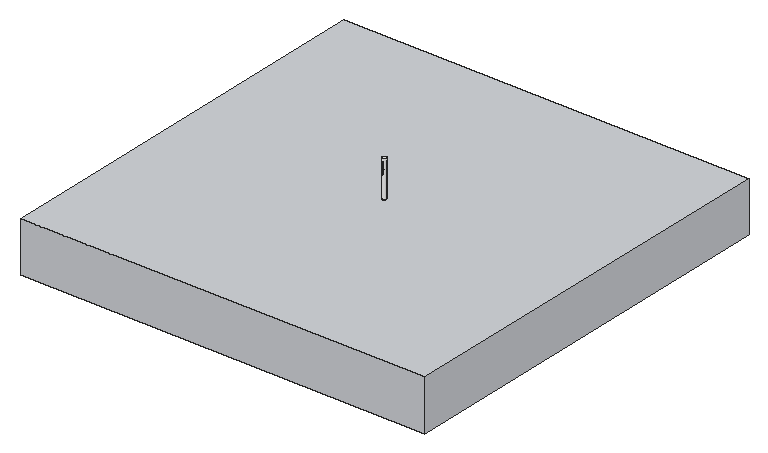
Revit family
Parameters (values of type "Chrome-CP-Polished_Chrome")
  Width [instance] = 0' - 1 1/8"
  URL = "http://www.us.kohler.com"
  Product Page URL = "http://www.us.kohler.com/onlinecatalog/detail.jsp?prod_num=10257-a"
  Product Documentation Link = "http://www.us.kohler.com/onlinecatalog/pdf/1085896_4.pdf"
  Model = "K-10257-A"  # constant formula
  Manufacturer = "Kohler"  # constant formula
  Length [instance] = 0' - 1"
  Height [instance] = 0' - 9"
  Finish = Chrome-Kohler-CP-Polished Chrome
  Description = "Shift handshower"  # constant formula
  Default Elevation = 0' - 0"
  Created By = "http://medialab3dstudio.com"
  Assembly Code = "C1030200"
Reference planes (in)
  plane 1 "Center (Front/Back)": y = 0
  plane 2 "Back": z = 0
  plane 3 "Center (Left/Right)": x = 0
  plane 4 "Left": x = -0.5625
  plane 5 "Right": x = 0.5625
  plane 6 "Top": y = 0.5
  plane 7 "Bottom": y = -0.5
  plane 8 "Front": z = 8.6875
  plane 9: z = -0.3125
Forms (in)
  Extrusion 1, solid
    sketch origin (0, 0, 0) x (1, 0, 0) y (0, 1, 0)
      loop
        line (-48, 48) -> (-48, -48) -> (48, -48) -> (48, 48) -> (-48, 48)
    from 0 to -12
Dimensions and locks (in)
  equal spacing: plane 4 "Left", plane 3 "Center (Left/Right)", plane 5 "Right"
  equal spacing: plane 6 "Top", plane 1 "Center (Front/Back)", plane 7 "Bottom"
  "Width": plane 4 "Left" to plane 5 "Right"
  "Length": plane 6 "Top" to plane 7 "Bottom"
  "Height": plane 8 "Front" to plane 9
  aligned and locked: plane 2 "Back" to Extrusion 1
  aligned and locked: level to Extrusion 1
  aligned: plane 2 "Back" to nested 1
Automatic sketch dimensions
  Extrusion 1 sketch curve to Extrusion 1 sketch curve = 8' - 0"  (x2)
Nested families (in)
  nested 1: "10257-A_Base" at (0, 0, 0), type "10257-A_Base"
Definition of nested family "10257-A_Base"
  Parameters (values of type "10257-A_Base")
    Finish = Chrome-Kohler-CP-Polished Chrome
    Assembly Code = ""
  Reference planes (in)
    plane 1 "Center (Front/Back)": y = 0
    plane 2 "Not": z = 0
    plane 3 "Center (Left/Right)": x = 0
    plane 4 "Left": x = -0.5625
    plane 5 "Right": x = 0.5625
    plane 6 "Top": z = 8.6875
    plane 7 "Bottom": z = -0.3125
    plane 8: y = 0.50678
    plane 9: y = -0.50667
    plane 10 "Base": z = 0.03536
  Forms (in)
    Revolve 1, solid, material "Chrome-Kohler-CP-Polished Chrome" <- "Finish", detail levels fine
      sketch origin (0, 0, 0) x (1, 0, 0) y (0, 0, 1)
        loop
          line (0, -0.3125) -> (0, 0.13347) -> (-0.45604, 0.13347)
          arc (-0.45604, 0.13347) -> (-0.47039, 0.12753) -> (-0.47634, 0.11317) r 0.0203
          line (-0.47634, 0.11317) -> (-0.47634, 0.06558)
          arc (-0.47634, 0.06558) -> (-0.47152, 0.0493) -> (-0.45606, 0.04225) r 0.02048
          line (-0.45606, 0.04225) -> (-0.38815, 0.04225) -> (-0.36485, 0.022) -> (-0.36485, -0.03378) -> (-0.41521, -0.08414) -> (-0.41521, -0.26213) -> (-0.36455, -0.3125) -> (0, -0.3125)
        axis (0, 0.13347) -> (0, -0.3125)
      angle from 0 to 360
    Extrusion 2, solid, material "Chrome-Kohler-CP-Polished Chrome" <- "Finish", detail levels fine
      sketch origin (0.02948, 0.0023, 0) x (0.997777, -0.06664, 0) y (0, 0, 1)
        loop
          circle (-0.10134, 8.06624) r 0.04814
      from 0.36305 to 0.49572
    Extrusion 3, solid, material "Chrome-Kohler-CP-Polished Chrome" <- "Finish", detail levels fine
      sketch origin (0.02948, 0.0023, -0.20257) x (0.997777, -0.06664, 0) y (0, 0, 1)
        loop
          circle (-0.10134, 8.06624) r 0.04814
      from 0.36305 to 0.49572
    Extrusion 4, solid, material "Chrome-Kohler-CP-Polished Chrome" <- "Finish", detail levels fine
      sketch origin (0.02948, 0.0023, -0.40513) x (0.997777, -0.06664, 0) y (0, 0, 1)
        loop
          circle (-0.10134, 8.06624) r 0.04814
      from 0.36305 to 0.49572
    Extrusion 5, solid, material "Chrome-Kohler-CP-Polished Chrome" <- "Finish", detail levels fine
      sketch origin (0.02948, 0.0023, -0.6077) x (0.997777, -0.06664, 0) y (0, 0, 1)
        loop
          circle (-0.10134, 8.06624) r 0.04814
      from 0.36305 to 0.49572
    Extrusion 6, solid, material "Chrome-Kohler-CP-Polished Chrome" <- "Finish", detail levels fine
      sketch origin (0.02948, 0.0023, -0.81027) x (0.997777, -0.06664, 0) y (0, 0, 1)
        loop
          circle (-0.10134, 8.06624) r 0.04814
      from 0.36305 to 0.49572
    Extrusion 7, solid, material "Chrome-Kohler-CP-Polished Chrome" <- "Finish", detail levels fine
      sketch origin (0.02948, 0.0023, -1.01283) x (0.997777, -0.06664, 0) y (0, 0, 1)
        loop
          circle (-0.10134, 8.06624) r 0.04814
      from 0.36305 to 0.49572
    Extrusion 8, solid, material "Chrome-Kohler-CP-Polished Chrome" <- "Finish", detail levels fine
      sketch origin (0.02948, 0.0023, -1.2154) x (0.997777, -0.06664, 0) y (0, 0, 1)
        loop
          circle (-0.10134, 8.06624) r 0.04814
      from 0.36305 to 0.49572
    Extrusion 9, solid, material "Chrome-Kohler-CP-Polished Chrome" <- "Finish", detail levels fine
      sketch origin (0.02948, 0.0023, -1.41797) x (0.997777, -0.06664, 0) y (0, 0, 1)
        loop
          circle (-0.10134, 8.06624) r 0.04814
      from 0.36305 to 0.49572
    Extrusion 10, solid, material "Chrome-Kohler-CP-Polished Chrome" <- "Finish", detail levels fine
      sketch origin (0.02948, 0.0023, -1.62053) x (0.997777, -0.06664, 0) y (0, 0, 1)
        loop
          circle (-0.10134, 8.06624) r 0.04814
      from 0.36305 to 0.49572
    Extrusion 11, solid, material "Chrome-Kohler-CP-Polished Chrome" <- "Finish", detail levels fine
      sketch origin (0.02948, 0.0023, -1.8231) x (0.997777, -0.06664, 0) y (0, 0, 1)
        loop
          circle (-0.10134, 8.06624) r 0.04814
      from 0.36305 to 0.49572
    Extrusion 12, solid, material "Chrome-Kohler-CP-Polished Chrome" <- "Finish", detail levels fine
      sketch origin (0.02948, 0.0023, -2.02567) x (0.997777, -0.06664, 0) y (0, 0, 1)
        loop
          circle (-0.10134, 8.06624) r 0.04814
      from 0.36305 to 0.49572
    Extrusion 13, solid, material "Chrome-Kohler-CP-Polished Chrome" <- "Finish", detail levels fine
      sketch origin (0.02948, 0.0023, -2.22823) x (0.997777, -0.06664, 0) y (0, 0, 1)
        loop
          circle (-0.10134, 8.06624) r 0.04814
      from 0.36305 to 0.49572
    Extrusion 14, solid, material "Chrome-Kohler-CP-Polished Chrome" <- "Finish", detail levels fine
      sketch origin (0.02948, 0.0023, -2.4308) x (0.997777, -0.06664, 0) y (0, 0, 1)
        loop
          circle (-0.10134, 8.06624) r 0.04814
      from 0.36305 to 0.49572
    Extrusion 15, solid, material "Chrome-Kohler-CP-Polished Chrome" <- "Finish", detail levels fine
      sketch origin (0.02948, 0.0023, -2.63337) x (0.997777, -0.06664, 0) y (0, 0, 1)
        loop
          circle (-0.10134, 8.06624) r 0.04814
      from 0.36305 to 0.49572
    Extrusion 16, solid, material "Chrome-Kohler-CP-Polished Chrome" <- "Finish", detail levels fine
      sketch origin (0.17091, 0.01615, 0) x (0.997341, 0.072873, 0) y (0, 0, 1)
        loop
          circle (-0.10134, 8.06624) r 0.04814
      from 0.36305 to 0.49572
    Extrusion 17, solid, material "Chrome-Kohler-CP-Polished Chrome" <- "Finish", detail levels fine
      sketch origin (0.17091, 0.01615, -0.20257) x (0.997341, 0.072873, 0) y (0, 0, 1)
        loop
          circle (-0.10134, 8.06624) r 0.04814
      from 0.36305 to 0.49572
    Extrusion 18, solid, material "Chrome-Kohler-CP-Polished Chrome" <- "Finish", detail levels fine
      sketch origin (0.17091, 0.01615, -0.40513) x (0.997341, 0.072873, 0) y (0, 0, 1)
        loop
          circle (-0.10134, 8.06624) r 0.04814
      from 0.36305 to 0.49572
    Extrusion 19, solid, material "Chrome-Kohler-CP-Polished Chrome" <- "Finish", detail levels fine
      sketch origin (0.17091, 0.01615, -0.6077) x (0.997341, 0.072873, 0) y (0, 0, 1)
        loop
          circle (-0.10134, 8.06624) r 0.04814
      from 0.36305 to 0.49572
    Extrusion 20, solid, material "Chrome-Kohler-CP-Polished Chrome" <- "Finish", detail levels fine
      sketch origin (0.17091, 0.01615, -0.81027) x (0.997341, 0.072873, 0) y (0, 0, 1)
        loop
          circle (-0.10134, 8.06624) r 0.04814
      from 0.36305 to 0.49572
    Extrusion 21, solid, material "Chrome-Kohler-CP-Polished Chrome" <- "Finish", detail levels fine
      sketch origin (0.17091, 0.01615, -1.01283) x (0.997341, 0.072873, 0) y (0, 0, 1)
        loop
          circle (-0.10134, 8.06624) r 0.04814
      from 0.36305 to 0.49572
    Extrusion 22, solid, material "Chrome-Kohler-CP-Polished Chrome" <- "Finish", detail levels fine
      sketch origin (0.17091, 0.01615, -1.2154) x (0.997341, 0.072873, 0) y (0, 0, 1)
        loop
          circle (-0.10134, 8.06624) r 0.04814
      from 0.36305 to 0.49572
    Extrusion 23, solid, material "Chrome-Kohler-CP-Polished Chrome" <- "Finish", detail levels fine
      sketch origin (0.17091, 0.01615, -1.41797) x (0.997341, 0.072873, 0) y (0, 0, 1)
        loop
          circle (-0.10134, 8.06624) r 0.04814
      from 0.36305 to 0.49572
    Extrusion 24, solid, material "Chrome-Kohler-CP-Polished Chrome" <- "Finish", detail levels fine
      sketch origin (0.17091, 0.01615, -1.62053) x (0.997341, 0.072873, 0) y (0, 0, 1)
        loop
          circle (-0.10134, 8.06624) r 0.04814
      from 0.36305 to 0.49572
    Extrusion 25, solid, material "Chrome-Kohler-CP-Polished Chrome" <- "Finish", detail levels fine
      sketch origin (0.17091, 0.01615, -1.8231) x (0.997341, 0.072873, 0) y (0, 0, 1)
        loop
          circle (-0.10134, 8.06624) r 0.04814
      from 0.36305 to 0.49572
    Extrusion 26, solid, material "Chrome-Kohler-CP-Polished Chrome" <- "Finish", detail levels fine
      sketch origin (0.17091, 0.01615, -2.02567) x (0.997341, 0.072873, 0) y (0, 0, 1)
        loop
          circle (-0.10134, 8.06624) r 0.04814
      from 0.36305 to 0.49572
    Extrusion 27, solid, material "Chrome-Kohler-CP-Polished Chrome" <- "Finish", detail levels fine
      sketch origin (0.17091, 0.01615, -2.22823) x (0.997341, 0.072873, 0) y (0, 0, 1)
        loop
          circle (-0.10134, 8.06624) r 0.04814
      from 0.36305 to 0.49572
    Extrusion 28, solid, material "Chrome-Kohler-CP-Polished Chrome" <- "Finish", detail levels fine
      sketch origin (0.17091, 0.01615, -2.4308) x (0.997341, 0.072873, 0) y (0, 0, 1)
        loop
          circle (-0.10134, 8.06624) r 0.04814
      from 0.36305 to 0.49572
    Extrusion 29, solid, material "Chrome-Kohler-CP-Polished Chrome" <- "Finish", detail levels fine
      sketch origin (0.17091, 0.01615, -2.63337) x (0.997341, 0.072873, 0) y (0, 0, 1)
        loop
          circle (-0.10134, 8.06624) r 0.04814
      from 0.36305 to 0.49572
    Extrusion 30, solid, material "Chrome-Kohler-CP-Polished Chrome" <- "Finish", detail levels fine
      sketch origin (0.10134, -0.01095, -0.1038) x (1, 0, 0) y (0, 0, 1)
        loop
          circle (-0.10134, 8.06624) r 0.04814
      from 0.36305 to 0.49572
    Extrusion 31, solid, material "Chrome-Kohler-CP-Polished Chrome" <- "Finish", detail levels fine
      sketch origin (0.10134, -0.01095, -0.30637) x (1, 0, 0) y (0, 0, 1)
        loop
          circle (-0.10134, 8.06624) r 0.04814
      from 0.36305 to 0.49572
    Extrusion 32, solid, material "Chrome-Kohler-CP-Polished Chrome" <- "Finish", detail levels fine
      sketch origin (0.10134, -0.01095, -0.50893) x (1, 0, 0) y (0, 0, 1)
        loop
          circle (-0.10134, 8.06624) r 0.04814
      from 0.36305 to 0.49572
    Extrusion 33, solid, material "Chrome-Kohler-CP-Polished Chrome" <- "Finish", detail levels fine
      sketch origin (0.10134, -0.01095, -0.7115) x (1, 0, 0) y (0, 0, 1)
        loop
          circle (-0.10134, 8.06624) r 0.04814
      from 0.36305 to 0.49572
    Extrusion 34, solid, material "Chrome-Kohler-CP-Polished Chrome" <- "Finish", detail levels fine
      sketch origin (0.10134, -0.01095, -0.91407) x (1, 0, 0) y (0, 0, 1)
        loop
          circle (-0.10134, 8.06624) r 0.04814
      from 0.36305 to 0.49572
    Extrusion 35, solid, material "Chrome-Kohler-CP-Polished Chrome" <- "Finish", detail levels fine
      sketch origin (0.10134, -0.01095, -1.11663) x (1, 0, 0) y (0, 0, 1)
        loop
          circle (-0.10134, 8.06624) r 0.04814
      from 0.36305 to 0.49572
    Extrusion 36, solid, material "Chrome-Kohler-CP-Polished Chrome" <- "Finish", detail levels fine
      sketch origin (0.10134, -0.01095, -1.3192) x (1, 0, 0) y (0, 0, 1)
        loop
          circle (-0.10134, 8.06624) r 0.04814
      from 0.36305 to 0.49572
    Extrusion 37, solid, material "Chrome-Kohler-CP-Polished Chrome" <- "Finish", detail levels fine
      sketch origin (0.10134, -0.01095, -1.52177) x (1, 0, 0) y (0, 0, 1)
        loop
          circle (-0.10134, 8.06624) r 0.04814
      from 0.36305 to 0.49572
    Extrusion 38, solid, material "Chrome-Kohler-CP-Polished Chrome" <- "Finish", detail levels fine
      sketch origin (0.10134, -0.01095, -1.72433) x (1, 0, 0) y (0, 0, 1)
        loop
          circle (-0.10134, 8.06624) r 0.04814
      from 0.36305 to 0.49572
    Extrusion 39, solid, material "Chrome-Kohler-CP-Polished Chrome" <- "Finish", detail levels fine
      sketch origin (0.10134, -0.01095, -1.9269) x (1, 0, 0) y (0, 0, 1)
        loop
          circle (-0.10134, 8.06624) r 0.04814
      from 0.36305 to 0.49572
    Extrusion 40, solid, material "Chrome-Kohler-CP-Polished Chrome" <- "Finish", detail levels fine
      sketch origin (0.10134, -0.01095, -2.12947) x (1, 0, 0) y (0, 0, 1)
        loop
          circle (-0.10134, 8.06624) r 0.04814
      from 0.36305 to 0.49572
    Extrusion 41, solid, material "Chrome-Kohler-CP-Polished Chrome" <- "Finish", detail levels fine
      sketch origin (0.10134, -0.01095, -2.33203) x (1, 0, 0) y (0, 0, 1)
        loop
          circle (-0.10134, 8.06624) r 0.04814
      from 0.36305 to 0.49572
    Extrusion 42, solid, material "Chrome-Kohler-CP-Polished Chrome" <- "Finish", detail levels fine
      sketch origin (0.10134, -0.01095, -2.5346) x (1, 0, 0) y (0, 0, 1)
        loop
          circle (-0.10134, 8.06624) r 0.04814
      from 0.36305 to 0.49572
    Extrusion 43, solid, material "Chrome-Kohler-CP-Polished Chrome" <- "Finish", detail levels fine
      sketch origin (-0.04908, 0.0138, -0.1038) x (0.993214, -0.116301, 0) y (0, 0, 1)
        loop
          circle (-0.10134, 8.06624) r 0.04814
      from 0.36305 to 0.49572
    Extrusion 44, solid, material "Chrome-Kohler-CP-Polished Chrome" <- "Finish", detail levels fine
      sketch origin (-0.04908, 0.0138, -0.30637) x (0.993214, -0.116301, 0) y (0, 0, 1)
        loop
          circle (-0.10134, 8.06624) r 0.04814
      from 0.36305 to 0.49572
    Extrusion 45, solid, material "Chrome-Kohler-CP-Polished Chrome" <- "Finish", detail levels fine
      sketch origin (-0.04908, 0.0138, -0.50893) x (0.993214, -0.116301, 0) y (0, 0, 1)
        loop
          circle (-0.10134, 8.06624) r 0.04814
      from 0.36305 to 0.49572
    Extrusion 46, solid, material "Chrome-Kohler-CP-Polished Chrome" <- "Finish", detail levels fine
      sketch origin (-0.04908, 0.0138, -0.7115) x (0.993214, -0.116301, 0) y (0, 0, 1)
        loop
          circle (-0.10134, 8.06624) r 0.04814
      from 0.36305 to 0.49572
    Extrusion 47, solid, material "Chrome-Kohler-CP-Polished Chrome" <- "Finish", detail levels fine
      sketch origin (-0.04908, 0.0138, -0.91407) x (0.993214, -0.116301, 0) y (0, 0, 1)
        loop
          circle (-0.10134, 8.06624) r 0.04814
      from 0.36305 to 0.49572
    Extrusion 48, solid, material "Chrome-Kohler-CP-Polished Chrome" <- "Finish", detail levels fine
      sketch origin (-0.04908, 0.0138, -1.11663) x (0.993214, -0.116301, 0) y (0, 0, 1)
        loop
          circle (-0.10134, 8.06624) r 0.04814
      from 0.36305 to 0.49572
    Extrusion 49, solid, material "Chrome-Kohler-CP-Polished Chrome" <- "Finish", detail levels fine
      sketch origin (-0.04908, 0.0138, -1.3192) x (0.993214, -0.116301, 0) y (0, 0, 1)
        loop
          circle (-0.10134, 8.06624) r 0.04814
      from 0.36305 to 0.49572
    Extrusion 50, solid, material "Chrome-Kohler-CP-Polished Chrome" <- "Finish", detail levels fine
      sketch origin (-0.04908, 0.0138, -1.52177) x (0.993214, -0.116301, 0) y (0, 0, 1)
        loop
          circle (-0.10134, 8.06624) r 0.04814
      from 0.36305 to 0.49572
    Extrusion 51, solid, material "Chrome-Kohler-CP-Polished Chrome" <- "Finish", detail levels fine
      sketch origin (-0.04908, 0.0138, -1.72433) x (0.993214, -0.116301, 0) y (0, 0, 1)
        loop
          circle (-0.10134, 8.06624) r 0.04814
      from 0.36305 to 0.49572
    Extrusion 52, solid, material "Chrome-Kohler-CP-Polished Chrome" <- "Finish", detail levels fine
      sketch origin (-0.04908, 0.0138, -1.9269) x (0.993214, -0.116301, 0) y (0, 0, 1)
        loop
          circle (-0.10134, 8.06624) r 0.04814
      from 0.36305 to 0.49572
    Extrusion 53, solid, material "Chrome-Kohler-CP-Polished Chrome" <- "Finish", detail levels fine
      sketch origin (-0.04908, 0.0138, -2.12947) x (0.993214, -0.116301, 0) y (0, 0, 1)
        loop
          circle (-0.10134, 8.06624) r 0.04814
      from 0.36305 to 0.49572
    Extrusion 54, solid, material "Chrome-Kohler-CP-Polished Chrome" <- "Finish", detail levels fine
      sketch origin (-0.04908, 0.0138, -2.33203) x (0.993214, -0.116301, 0) y (0, 0, 1)
        loop
          circle (-0.10134, 8.06624) r 0.04814
      from 0.36305 to 0.49572
    Extrusion 55, solid, material "Chrome-Kohler-CP-Polished Chrome" <- "Finish", detail levels fine
      sketch origin (-0.04908, 0.0138, -2.5346) x (0.993214, -0.116301, 0) y (0, 0, 1)
        loop
          circle (-0.10134, 8.06624) r 0.04814
      from 0.36305 to 0.49572
    Extrusion 56, solid, material "Chrome-Kohler-CP-Polished Chrome" <- "Finish", detail levels fine
      sketch origin (0.251, 0.03819, -0.1038) x (0.993473, 0.114064, 0) y (0, 0, 1)
        loop
          circle (-0.10134, 8.06624) r 0.04814
      from 0.36305 to 0.49572
    Extrusion 57, solid, material "Chrome-Kohler-CP-Polished Chrome" <- "Finish", detail levels fine
      sketch origin (0.251, 0.03819, -0.30637) x (0.993473, 0.114064, 0) y (0, 0, 1)
        loop
          circle (-0.10134, 8.06624) r 0.04814
      from 0.36305 to 0.49572
    Extrusion 58, solid, material "Chrome-Kohler-CP-Polished Chrome" <- "Finish", detail levels fine
      sketch origin (0.251, 0.03819, -0.50893) x (0.993473, 0.114064, 0) y (0, 0, 1)
        loop
          circle (-0.10134, 8.06624) r 0.04814
      from 0.36305 to 0.49572
    Extrusion 59, solid, material "Chrome-Kohler-CP-Polished Chrome" <- "Finish", detail levels fine
      sketch origin (0.251, 0.03819, -0.7115) x (0.993473, 0.114064, 0) y (0, 0, 1)
        loop
          circle (-0.10134, 8.06624) r 0.04814
      from 0.36305 to 0.49572
    Extrusion 60, solid, material "Chrome-Kohler-CP-Polished Chrome" <- "Finish", detail levels fine
      sketch origin (0.251, 0.03819, -0.91407) x (0.993473, 0.114064, 0) y (0, 0, 1)
        loop
          circle (-0.10134, 8.06624) r 0.04814
      from 0.36305 to 0.49572
    Extrusion 61, solid, material "Chrome-Kohler-CP-Polished Chrome" <- "Finish", detail levels fine
      sketch origin (0.251, 0.03819, -1.11663) x (0.993473, 0.114064, 0) y (0, 0, 1)
        loop
          circle (-0.10134, 8.06624) r 0.04814
      from 0.36305 to 0.49572
    Extrusion 62, solid, material "Chrome-Kohler-CP-Polished Chrome" <- "Finish", detail levels fine
      sketch origin (0.251, 0.03819, -1.3192) x (0.993473, 0.114064, 0) y (0, 0, 1)
        loop
          circle (-0.10134, 8.06624) r 0.04814
      from 0.36305 to 0.49572
    Extrusion 63, solid, material "Chrome-Kohler-CP-Polished Chrome" <- "Finish", detail levels fine
      sketch origin (0.251, 0.03819, -1.52177) x (0.993473, 0.114064, 0) y (0, 0, 1)
        loop
          circle (-0.10134, 8.06624) r 0.04814
      from 0.36305 to 0.49572
    Extrusion 64, solid, material "Chrome-Kohler-CP-Polished Chrome" <- "Finish", detail levels fine
      sketch origin (0.251, 0.03819, -1.72433) x (0.993473, 0.114064, 0) y (0, 0, 1)
        loop
          circle (-0.10134, 8.06624) r 0.04814
      from 0.36305 to 0.49572
    Extrusion 65, solid, material "Chrome-Kohler-CP-Polished Chrome" <- "Finish", detail levels fine
      sketch origin (0.251, 0.03819, -1.9269) x (0.993473, 0.114064, 0) y (0, 0, 1)
        loop
          circle (-0.10134, 8.06624) r 0.04814
      from 0.36305 to 0.49572
    Extrusion 66, solid, material "Chrome-Kohler-CP-Polished Chrome" <- "Finish", detail levels fine
      sketch origin (0.251, 0.03819, -2.12947) x (0.993473, 0.114064, 0) y (0, 0, 1)
        loop
          circle (-0.10134, 8.06624) r 0.04814
      from 0.36305 to 0.49572
    Extrusion 67, solid, material "Chrome-Kohler-CP-Polished Chrome" <- "Finish", detail levels fine
      sketch origin (0.251, 0.03819, -2.33203) x (0.993473, 0.114064, 0) y (0, 0, 1)
        loop
          circle (-0.10134, 8.06624) r 0.04814
      from 0.36305 to 0.49572
    Extrusion 68, solid, material "Chrome-Kohler-CP-Polished Chrome" <- "Finish", detail levels fine
      sketch origin (0.251, 0.03819, -2.5346) x (0.993473, 0.114064, 0) y (0, 0, 1)
        loop
          circle (-0.10134, 8.06624) r 0.04814
      from 0.36305 to 0.49572
    Extrusion 69, solid, material "Chrome-Kohler-CP-Polished Chrome" <- "Finish", detail levels fine
      sketch origin (0, 0, 0) x (1, 0, 0) y (0, 0, 1)
        loop
          spline (0.10646, 4.58193) -> (0.10283, 4.6025) -> (0.09219, 4.62167) -> (0.07528, 4.63813) -> (0.05323, 4.65076) -> (0.02755, 4.6587) -> (0, 4.6614) -> (-0.02755, 4.6587) -> (-0.05323, 4.65076) -> (-0.07528, 4.63813) -> (-0.09219, 4.62167) -> (-0.10283, 4.6025) -> (-0.10646, 4.58193)
          spline (-0.10646, 4.58193) -> (-0.10283, 4.56136) -> (-0.09219, 4.54219) -> (-0.07528, 4.52573) -> (-0.05323, 4.5131) -> (-0.02755, 4.50516) -> (0, 4.50245) -> (0.02755, 4.50516) -> (0.05323, 4.5131) -> (0.07528, 4.52573) -> (0.09219, 4.54219) -> (0.10283, 4.56136) -> (0.10646, 4.58193)
      from -0.49691 to -0.39061
    Extrusion 70, solid, material "Chrome-Kohler-CP-Polished Chrome" <- "Finish", detail levels fine
      sketch origin (0, 0, 0) x (1, 0, 0) y (0, 1, 0)
        loop
          spline (0.5625, 0) -> (0.54333, 0.12348) -> (0.48714, 0.23854) -> (0.39775, 0.33735) -> (0.28125, 0.41317) -> (0.14559, 0.46083) -> (0, 0.47709) -> (-0.14559, 0.46083) -> (-0.28125, 0.41317) -> (-0.39775, 0.33735) -> (-0.48714, 0.23854) -> (-0.54333, 0.12348) -> (-0.5625, 0)
          spline (-0.5625, 0) -> (-0.54333, -0.12348) -> (-0.48714, -0.23854) -> (-0.39775, -0.33735) -> (-0.28125, -0.41317) -> (-0.14559, -0.46083) -> (0, -0.47709) -> (0.14559, -0.46083) -> (0.28125, -0.41317) -> (0.39775, -0.33735) -> (0.48714, -0.23854) -> (0.54333, -0.12348) -> (0.5625, 0)
      from 0.13347 to 8.6875
    Extrusion 71, solid, material "Chrome-Kohler-CP-Polished Chrome" <- "Finish", detail levels coarse+medium
      sketch origin (0, 0, 0) x (1, 0, 0) y (0, 1, 0)
        loop
          line (-0.5625, 0.50678) -> (-0.5625, -0.50667) -> (0.5625, -0.50667) -> (0.5625, 0.50678) -> (-0.5625, 0.50678)
      from -0.3125 to 8.6875
  Cuts and joins
    joined: Revolve 1, Extrusion 2, Extrusion 3, Extrusion 4, Extrusion 5, Extrusion 6, Extrusion 7, Extrusion 8, Extrusion 9, Extrusion 10, Extrusion 11, Extrusion 12, Extrusion 13, Extrusion 14, Extrusion 15, Extrusion 16, Extrusion 17, Extrusion 18, Extrusion 19, Extrusion 20, Extrusion 21, Extrusion 22, Extrusion 23, Extrusion 24, Extrusion 25, Extrusion 26, Extrusion 27, Extrusion 28, Extrusion 29, Extrusion 30, Extrusion 31, Extrusion 32, Extrusion 33, Extrusion 34, Extrusion 35, Extrusion 36, Extrusion 37, Extrusion 38, Extrusion 39, Extrusion 40, Extrusion 41, Extrusion 42, Extrusion 43, Extrusion 44, Extrusion 45, Extrusion 46, Extrusion 47, Extrusion 48, Extrusion 49, Extrusion 50, Extrusion 51, Extrusion 52, Extrusion 53, Extrusion 54, Extrusion 55, Extrusion 56, Extrusion 57, Extrusion 58, Extrusion 59, Extrusion 60, Extrusion 61, Extrusion 62, Extrusion 63, Extrusion 64, Extrusion 65, Extrusion 66, Extrusion 67, Extrusion 68, Extrusion 69, Extrusion 70
  Lines and regions (in)
    Masking region 1, detail levels coarse
      outline origin (0, 0, 0) x (1, 0, 0) y (0, 1, 0)
        loop
          line (-0.5625, 0.50678) -> (-0.5625, -0.50667) -> (0.5625, -0.50667) -> (0.5625, 0.50678) -> (-0.5625, 0.50678)
    Masking region 2, detail levels medium+fine
      outline origin (0, 0, 0) x (1, 0, 0) y (0, 1, 0)
        loop
          spline (-0.10646, 0.46846) -> (-0.23772, 0.43239) -> (-0.35469, 0.37029) -> (-0.45031, 0.28591) -> (-0.51882, 0.18432) -> (-0.55612, 0.07164) -> (-0.55995, -0.04535) -> (-0.53009, -0.15961) -> (-0.46832, -0.26427) -> (-0.37837, -0.35302) -> (-0.26565, -0.42053) -> (-0.13695, -0.46273) -> (0, -0.47709)
          spline (0, -0.47709) -> (0.13693, -0.46274) -> (0.26562, -0.42054) -> (0.37833, -0.35305) -> (0.46828, -0.26432) -> (0.53006, -0.15968) -> (0.55994, -0.04544) -> (0.55614, 0.07153) -> (0.51888, 0.18421) -> (0.4504, 0.2858) -> (0.35483, 0.37019) -> (0.2379, 0.43232) -> (0.10667, 0.46843)
          line (0.10667, 0.46843) -> (0.10667, 0.50053)
          arc (0.10667, 0.50053) -> (0.00011, 0.50678) -> (-0.10646, 0.50053) r 0.91103
          line (-0.10646, 0.50053) -> (-0.10646, 0.46846)
    Masking region 3, detail levels coarse
      outline origin (0, 0, 0) x (1, 0, 0) y (0, 0, 1)
        loop
          line (-0.5625, 8.6875) -> (-0.5625, -0.3125) -> (0.5625, -0.3125) -> (0.5625, 8.6875) -> (-0.5625, 8.6875)
    Masking region 4
      outline origin (0, 0, 0) x (1, 0, 0) y (0, 0, 1)
        loop
          line (-0.36455, -0.3125) -> (0.36486, -0.3125) -> (0.41523, -0.26213) -> (0.41523, -0.08414) -> (0.36486, -0.03378) -> (0.36486, 0.04225) -> (0.45608, 0.04225)
          arc (0.45608, 0.04225) -> (0.47195, 0.04973) -> (0.4763, 0.06672) r 0.02059
          line (0.4763, 0.06672) -> (0.4763, 0.13347) -> (0.5625, 0.13347) -> (0.5625, 8.6875) -> (-0.5625, 8.6875) -> (-0.5625, 0.13347) -> (-0.47634, 0.13347) -> (-0.47634, 0.06642)
          arc (-0.47634, 0.06642) -> (-0.47183, 0.04961) -> (-0.45606, 0.04225) r 0.02059
          line (-0.45606, 0.04225) -> (-0.36485, 0.04225) -> (-0.36485, -0.03378) -> (-0.41521, -0.08414) -> (-0.41521, -0.26213) -> (-0.36455, -0.3125)
    Masking region 5, detail levels coarse
      outline origin (0, 0, 0) x (0, 1, 0) y (0, 0, 1)
        loop
          line (0.50678, -0.3125) -> (0.50678, 8.6875) -> (-0.50667, 8.6875) -> (-0.50667, -0.3125) -> (0.50678, -0.3125)
    Masking region 6, detail levels medium+fine
      outline origin (0, 0, 0) x (0, 1, 0) y (0, 0, 1)
        loop
          line (0.35783, -0.3125) -> (0.40722, -0.26311) -> (0.40718, -0.08858) -> (0.35783, -0.03919) -> (0.35783, 0.03536) -> (0.4472, 0.03536)
          arc (0.4472, 0.03536) -> (0.46362, 0.04285) -> (0.46875, 0.06015) r 0.02176
          line (0.46875, 0.06015) -> (0.46875, 4.50245) -> (0.50678, 4.50245) -> (0.50678, 4.6614) -> (0.46875, 4.6614) -> (0.46875, 8.6875) -> (-0.46875, 8.6875) -> (-0.46875, 0.05523)
          arc (-0.46875, 0.05523) -> (-0.46293, 0.04118) -> (-0.44888, 0.03536) r 0.01987
          line (-0.44888, 0.03536) -> (-0.35776, 0.03536) -> (-0.35776, -0.03919) -> (-0.40718, -0.08858) -> (-0.40718, -0.26311) -> (-0.35776, -0.3125) -> (0.35783, -0.3125)
    model lines, style "3d Fine", detail levels fine
      curve 1: spline (0.5625, 0, 4.94745) -> (0.54333, -0.12132, 4.94745) -> (0.48714, -0.23438, 4.94745) -> (0.39775, -0.33146, 4.94745) -> (0.28125, -0.40595, 4.94745) -> (0.14559, -0.45278, 4.94745) -> (0, -0.46875, 4.94745) -> (-0.14559, -0.45278, 4.94745) -> (-0.28125, -0.40595, 4.94745) -> (-0.39775, -0.33146, 4.94745) -> (-0.48714, -0.23438, 4.94745) -> (-0.54333, -0.12132, 4.94745) -> (-0.5625, 0, 4.94745)
      curve 2: spline (-0.5625, 0, 4.94745) -> (-0.54333, 0.12132, 4.94745) -> (-0.48714, 0.23437, 4.94745) -> (-0.39775, 0.33146, 4.94745) -> (-0.28125, 0.40595, 4.94745) -> (-0.14559, 0.45278, 4.94745) -> (0, 0.46875, 4.94745) -> (0.14559, 0.45278, 4.94745) -> (0.28125, 0.40595, 4.94745) -> (0.39775, 0.33146, 4.94745) -> (0.48714, 0.23437, 4.94745) -> (0.54333, 0.12132, 4.94745) -> (0.5625, 0, 4.94745)
      curve 3: spline (0.5625, 0, 4.98808) -> (0.54333, -0.12132, 4.98808) -> (0.48714, -0.23438, 4.98808) -> (0.39775, -0.33146, 4.98808) -> (0.28125, -0.40595, 4.98808) -> (0.14559, -0.45278, 4.98808) -> (0, -0.46875, 4.98808) -> (-0.14559, -0.45278, 4.98808) -> (-0.28125, -0.40595, 4.98808) -> (-0.39775, -0.33146, 4.98808) -> (-0.48714, -0.23438, 4.98808) -> (-0.54333, -0.12132, 4.98808) -> (-0.5625, 0, 4.98808)
      curve 4: spline (-0.5625, 0, 4.98808) -> (-0.54333, 0.12132, 4.98808) -> (-0.48714, 0.23437, 4.98808) -> (-0.39775, 0.33146, 4.98808) -> (-0.28125, 0.40595, 4.98808) -> (-0.14559, 0.45278, 4.98808) -> (0, 0.46875, 4.98808) -> (0.14559, 0.45278, 4.98808) -> (0.28125, 0.40595, 4.98808) -> (0.39775, 0.33146, 4.98808) -> (0.48714, 0.23437, 4.98808) -> (0.54333, 0.12132, 4.98808) -> (0.5625, 0, 4.98808)
      curve 5: spline (0.5625, 0, 8.59621) -> (0.54333, -0.12132, 8.59621) -> (0.48714, -0.23438, 8.59621) -> (0.39775, -0.33146, 8.59621) -> (0.28125, -0.40595, 8.59621) -> (0.14559, -0.45278, 8.59621) -> (0, -0.46875, 8.59621) -> (-0.14559, -0.45278, 8.59621) -> (-0.28125, -0.40595, 8.59621) -> (-0.39775, -0.33146, 8.59621) -> (-0.48714, -0.23438, 8.59621) -> (-0.54333, -0.12132, 8.59621) -> (-0.5625, 0, 8.59621)
      curve 6: spline (-0.5625, 0, 8.59621) -> (-0.54333, 0.12132, 8.59621) -> (-0.48714, 0.23437, 8.59621) -> (-0.39775, 0.33146, 8.59621) -> (-0.28125, 0.40595, 8.59621) -> (-0.14559, 0.45278, 8.59621) -> (0, 0.46875, 8.59621) -> (0.14559, 0.45278, 8.59621) -> (0.28125, 0.40595, 8.59621) -> (0.39775, 0.33146, 8.59621) -> (0.48714, 0.23437, 8.59621) -> (0.54333, 0.12132, 8.59621) -> (0.5625, 0, 8.59621)
    symbolic lines, style "Masking Lines", detail levels fine
      curve 7: spline (-0.1063, 0.46849, 0) -> (-0.08871, 0.47112, 0) -> (-0.07103, 0.47327, 0) -> (-0.05327, 0.47494, 0) -> (-0.03547, 0.47614, 0) -> (-0.01762, 0.47685, 0) -> (0.00024, 0.47709, 0) -> (0.0181, 0.47684, 0) -> (0.03594, 0.47611, 0) -> (0.05374, 0.4749, 0) -> (0.0715, 0.47322, 0) -> (0.08918, 0.47105, 0) -> (0.10677, 0.46841, 0)
      curve 8: line (-0.55037, 0, 8.59621) -> (0.55028, 0, 8.59621)
      curve 9: line (0.55233, 0, 4.98808) -> (-0.55237, 0, 4.98808)
      curve 10: line (-0.5625, 0, 4.94745) -> (0.5625, 0, 4.94745)
      curve 11: line (-0.5625, 0, 0.13335) -> (0.5625, 0, 0.13335)
      curve 12: line (0.45608, 0, 0.04213) -> (-0.45606, 0, 0.04213)
      curve 13: line (-0.36485, 0, -0.0339) -> (0.36486, 0, -0.0339)
      curve 14: line (-0.41521, 0, -0.08427) -> (0.41523, 0, -0.08427)
      curve 15: line (-0.41521, 0, -0.16745) -> (0.41523, 0, -0.16745)
      curve 16: line (-0.41521, 0, -0.26226) -> (0.41523, 0, -0.26226)
      curve 17: circle (-0.10134, -0.46875, 8.06624) r 0.04814 normal (0, 1, 0)
      curve 18: circle (0.10135, -0.46875, 8.06624) r 0.04814 normal (0, 1, 0)
      curve 19: circle (0.20327, -0.46875, 7.96433) r 0.04814 normal (0, 1, 0)
      curve 20: circle (-0.00001, -0.46875, 7.96433) r 0.04814 normal (0, 1, 0)
      curve 21: circle (-0.20272, -0.46875, 7.96433) r 0.04814 normal (0, 1, 0)
      curve 22: circle (-0.10134, -0.46875, 7.86248) r 0.04814 normal (0, 1, 0)
      curve 23: circle (0.10135, -0.46875, 7.86248) r 0.04813 normal (0, 1, 0)
      curve 24: circle (0.20269, -0.46875, 7.7606) r 0.04811 normal (0, 1, 0)
      curve 25: circle (-0.00002, -0.46875, 7.7606) r 0.04813 normal (0, 1, 0)
      curve 26: circle (-0.20273, -0.46875, 7.7606) r 0.04813 normal (0, 1, 0)
      curve 27: circle (-0.10134, -0.46875, 7.65879) r 0.04814 normal (0, 1, 0)
      curve 28: circle (0.10135, -0.46875, 7.65879) r 0.04813 normal (0, 1, 0)
      curve 29: circle (0.20269, -0.46875, 7.55691) r 0.04811 normal (0, 1, 0)
      curve 30: circle (-0.00002, -0.46875, 7.55691) r 0.04813 normal (0, 1, 0)
      curve 31: circle (-0.20273, -0.46875, 7.55691) r 0.04813 normal (0, 1, 0)
      curve 32: circle (-0.10134, -0.46875, 7.45503) r 0.04814 normal (0, 1, 0)
      curve 33: circle (0.10135, -0.46875, 7.45503) r 0.04813 normal (0, 1, 0)
      curve 34: circle (0.20269, -0.46875, 7.35325) r 0.04811 normal (0, 1, 0)
      curve 35: circle (-0.00002, -0.46875, 7.35325) r 0.04813 normal (0, 1, 0)
      curve 36: circle (-0.20273, -0.46875, 7.35325) r 0.04813 normal (0, 1, 0)
      curve 37: circle (-0.10134, -0.46875, 7.25137) r 0.04814 normal (0, 1, 0)
      curve 38: circle (0.10135, -0.46875, 7.25137) r 0.04813 normal (0, 1, 0)
      curve 39: circle (0.20269, -0.46875, 7.14949) r 0.04811 normal (0, 1, 0)
      curve 40: circle (-0.00002, -0.46875, 7.14949) r 0.04813 normal (0, 1, 0)
      curve 41: circle (-0.20273, -0.46875, 7.14949) r 0.04813 normal (0, 1, 0)
      curve 42: circle (-0.10134, -0.46875, 7.04757) r 0.04814 normal (0, 1, 0)
      curve 43: circle (0.10135, -0.46875, 7.04757) r 0.04813 normal (0, 1, 0)
      curve 44: circle (0.20269, -0.46875, 6.9458) r 0.04811 normal (0, 1, 0)
      curve 45: circle (-0.00002, -0.46875, 6.9458) r 0.04813 normal (0, 1, 0)
      curve 46: circle (-0.20273, -0.46875, 6.9458) r 0.04813 normal (0, 1, 0)
      curve 47: circle (-0.10134, -0.46875, 6.84392) r 0.04814 normal (0, 1, 0)
      curve 48: circle (0.10135, -0.46875, 6.84392) r 0.04813 normal (0, 1, 0)
      curve 49: circle (0.20269, -0.46875, 6.74155) r 0.04811 normal (0, 1, 0)
      curve 50: circle (-0.00002, -0.46875, 6.74155) r 0.04813 normal (0, 1, 0)
      curve 51: circle (-0.20273, -0.46875, 6.74155) r 0.04813 normal (0, 1, 0)
      curve 52: circle (-0.10134, -0.46875, 6.63923) r 0.04814 normal (0, 1, 0)
      curve 53: circle (0.10135, -0.46875, 6.63923) r 0.04813 normal (0, 1, 0)
      curve 54: circle (0.20269, -0.46875, 6.53735) r 0.04811 normal (0, 1, 0)
      curve 55: circle (-0.00002, -0.46875, 6.53735) r 0.04813 normal (0, 1, 0)
      curve 56: circle (-0.20273, -0.46875, 6.53735) r 0.04813 normal (0, 1, 0)
      curve 57: circle (-0.10134, -0.46875, 6.43554) r 0.04814 normal (0, 1, 0)
      curve 58: circle (0.10135, -0.46875, 6.43554) r 0.04813 normal (0, 1, 0)
      curve 59: circle (0.20269, -0.46875, 6.33362) r 0.04811 normal (0, 1, 0)
      curve 60: circle (-0.00002, -0.46875, 6.33362) r 0.04813 normal (0, 1, 0)
      curve 61: circle (-0.20273, -0.46875, 6.33362) r 0.04813 normal (0, 1, 0)
      curve 62: circle (-0.10134, -0.46875, 6.23181) r 0.04814 normal (0, 1, 0)
      curve 63: circle (0.10135, -0.46875, 6.23181) r 0.04813 normal (0, 1, 0)
      curve 64: circle (0.20269, -0.46875, 6.12945) r 0.04811 normal (0, 1, 0)
      curve 65: circle (-0.00002, -0.46875, 6.12945) r 0.04813 normal (0, 1, 0)
      curve 66: circle (-0.20273, -0.46875, 6.12945) r 0.04813 normal (0, 1, 0)
      curve 67: circle (-0.10134, -0.46875, 6.02712) r 0.04814 normal (0, 1, 0)
      curve 68: circle (0.10135, -0.46875, 6.02712) r 0.04813 normal (0, 1, 0)
      curve 69: circle (0.20269, -0.46875, 5.92524) r 0.04811 normal (0, 1, 0)
      curve 70: circle (-0.00002, -0.46875, 5.92524) r 0.04813 normal (0, 1, 0)
      curve 71: circle (-0.20273, -0.46875, 5.92524) r 0.04813 normal (0, 1, 0)
      curve 72: circle (-0.10134, -0.46875, 5.82343) r 0.04814 normal (0, 1, 0)
      curve 73: circle (0.10135, -0.46875, 5.82343) r 0.04813 normal (0, 1, 0)
      curve 74: circle (0.20269, -0.46875, 5.72151) r 0.04811 normal (0, 1, 0)
      curve 75: circle (-0.00002, -0.46875, 5.72151) r 0.04813 normal (0, 1, 0)
      curve 76: circle (-0.20273, -0.46875, 5.72151) r 0.04813 normal (0, 1, 0)
      curve 77: circle (-0.10134, -0.46875, 5.62078) r 0.04814 normal (0, 1, 0)
      curve 78: circle (0.10135, -0.46875, 5.62078) r 0.04813 normal (0, 1, 0)
      curve 79: circle (0.20269, -0.46875, 5.51886) r 0.04811 normal (0, 1, 0)
      curve 80: circle (-0.00002, -0.46875, 5.51886) r 0.04813 normal (0, 1, 0)
      curve 81: circle (-0.20273, -0.46875, 5.51886) r 0.04813 normal (0, 1, 0)
      curve 82: circle (-0.10134, -0.46875, 5.41797) r 0.04814 normal (0, 1, 0)
      curve 83: circle (0.10135, -0.46875, 5.41797) r 0.04813 normal (0, 1, 0)
      curve 84: line (0, 0.46875, 4.98808) -> (0, -0.46875, 4.98808)
      curve 85: line (0, 0.46875, 4.94745) -> (0, -0.46875, 4.94745)
      curve 86: line (0, 0.46875, 8.59621) -> (0, -0.46875, 8.59621)
  Dimensions and locks (in)
    equal spacing: plane 4 "Left", plane 3 "Center (Left/Right)", plane 5 "Right"
    plane 4 "Left" to plane 5 "Right" = 0' - 1 1/8"
    plane 6 "Top" to plane 2 "Not" = 0' - 8 11/16"
    aligned and locked: plane 2 "Not" to level
    aligned and locked: Masking region 3 sketch curve to plane 6 "Top"
  Automatic sketch dimensions
    Revolve 1 sketch curve to plane 7 "Bottom" = 0' - 0"  (x2)
    Revolve 1 sketch curve to plane 3 "Center (Left/Right)" = 0' - 0"  (x2)
    plane 4 "Left" to Revolve 1 sketch curve = 0' - 0.19795"
    Revolve 1 sketch curve to level = 0' - 0.03378"
    plane 4 "Left" to Revolve 1 sketch curve = 0' - 0.19765"
    level to Revolve 1 sketch curve = 0' - 0.04225"
    Revolve 1 sketch curve to Revolve 1 sketch curve = 0' - 0.0233"
    Revolve 1 sketch curve to Revolve 1 sketch curve = 0' - 0.05037"  (x2)
    plane 4 "Left" to Revolve 1 sketch curve = 0' - 0.10646"
    Revolve 1 sketch curve to Revolve 1 sketch curve = 0' - 0.06791"
    Revolve 1 sketch curve to Revolve 1 sketch curve = 0' - 0.0203"
    plane 7 "Bottom" to Revolve 1 sketch curve = 0' - 0.05037"
    level to Revolve 1 sketch curve = 0' - 0.022"
    Revolve 1 sketch curve to Revolve 1 sketch curve = 0' - 0.02048"
    Revolve 1 sketch curve to Revolve 1 sketch curve = 0' - 0.04759"
    Revolve 1 sketch curve to Revolve 1 sketch curve = 0' - 0"
    plane 1 "Center (Front/Back)" to curve 1 = 0' - 0"
    curve 2 to plane 4 "Left" = 0' - 0"
    curve 2 to plane 3 "Center (Left/Right)" = 0' - 0"
    plane 1 "Center (Front/Back)" to curve 3 = 0' - 0"
    curve 4 to plane 4 "Left" = 0' - 0"
    curve 4 to plane 3 "Center (Left/Right)" = 0' - 0"
    plane 1 "Center (Front/Back)" to curve 5 = 0' - 0"
    curve 6 to plane 4 "Left" = 0' - 0"
    curve 6 to plane 3 "Center (Left/Right)" = 0' - 0"
    Extrusion 30 sketch curve to plane 3 "Center (Left/Right)" = 0' - 0"
    Extrusion 31 sketch curve to plane 3 "Center (Left/Right)" = 0' - 0"
    Extrusion 32 sketch curve to plane 3 "Center (Left/Right)" = 0' - 0"
    Extrusion 33 sketch curve to plane 3 "Center (Left/Right)" = 0' - 0"
    Extrusion 34 sketch curve to plane 3 "Center (Left/Right)" = 0' - 0"
    Extrusion 35 sketch curve to plane 3 "Center (Left/Right)" = 0' - 0"
    Extrusion 36 sketch curve to plane 3 "Center (Left/Right)" = 0' - 0"
    Extrusion 37 sketch curve to plane 3 "Center (Left/Right)" = 0' - 0"
    Extrusion 38 sketch curve to plane 3 "Center (Left/Right)" = 0' - 0"
    Extrusion 39 sketch curve to plane 3 "Center (Left/Right)" = 0' - 0"
    Extrusion 40 sketch curve to plane 3 "Center (Left/Right)" = 0' - 0"
    Extrusion 41 sketch curve to plane 3 "Center (Left/Right)" = 0' - 0"
    Extrusion 42 sketch curve to plane 3 "Center (Left/Right)" = 0' - 0"
    Extrusion 69 sketch curve to plane 3 "Center (Left/Right)" = 0' - 0"
    plane 3 "Center (Left/Right)" to Extrusion 69 sketch curve = 0' - 0.10646"
    Masking region 1 sketch curve to plane 4 "Left" = 0' - 0"
    Masking region 1 sketch curve to plane 5 "Right" = 0' - 0"
    plane 9 to Masking region 1 sketch curve = 0' - 0"
    plane 8 to Masking region 1 sketch curve = 0' - 0"
    plane 1 "Center (Front/Back)" to Masking region 2 sketch curve = 0' - 0"  (x2)
    Masking region 2 sketch curve to plane 3 "Center (Left/Right)" = 0' - 0"
    Masking region 2 sketch curve to plane 5 "Right" = 0' - 0"  (x2)
    Masking region 2 sketch curve to plane 3 "Center (Left/Right)" = 0' - 0.10646"
    plane 3 "Center (Left/Right)" to Masking region 2 sketch curve = 0' - 0.00011"
    plane 8 to Masking region 2 sketch curve = 0' - 0.00625"
    plane 3 "Center (Left/Right)" to Masking region 2 sketch curve = 0' - 0.10667"
    curve 7 to plane 5 "Right" = 0' - 0"
    plane 1 "Center (Front/Back)" to curve 7 = 0' - 0"
    curve 7 to plane 3 "Center (Left/Right)" = 0' - 0"
    curve 7 to plane 3 "Center (Left/Right)" = 0' - 0.1063"
    Masking region 3 sketch curve to plane 4 "Left" = 0' - 0"
    Masking region 3 sketch curve to plane 5 "Right" = 0' - 0"
    Masking region 3 sketch curve to plane 7 "Bottom" = 0' - 0"
    plane 3 "Center (Left/Right)" to curve 44 = 0' - 0.20269"
    plane 3 "Center (Left/Right)" to curve 29 = 0' - 0.20269"
    plane 3 "Center (Left/Right)" to curve 49 = 0' - 0.20269"
    plane 3 "Center (Left/Right)" to curve 54 = 0' - 0.20269"
    plane 3 "Center (Left/Right)" to curve 79 = 0' - 0.20269"
    curve 79 to curve 74 = 0' - 0"
    plane 3 "Center (Left/Right)" to curve 59 = 0' - 0.20269"
    plane 3 "Center (Left/Right)" to curve 34 = 0' - 0.20269"
    plane 3 "Center (Left/Right)" to curve 69 = 0' - 0.20269"
    plane 3 "Center (Left/Right)" to curve 64 = 0' - 0.20269"
    plane 3 "Center (Left/Right)" to curve 39 = 0' - 0.20269"
    plane 3 "Center (Left/Right)" to curve 73 = 0' - 0.10135"
    plane 3 "Center (Left/Right)" to curve 63 = 0' - 0.10135"
    plane 3 "Center (Left/Right)" to curve 48 = 0' - 0.10135"
    plane 3 "Center (Left/Right)" to curve 53 = 0' - 0.10135"
    plane 3 "Center (Left/Right)" to curve 58 = 0' - 0.10135"
    plane 3 "Center (Left/Right)" to curve 83 = 0' - 0.10135"
    plane 3 "Center (Left/Right)" to curve 28 = 0' - 0.10135"
    plane 3 "Center (Left/Right)" to curve 78 = 0' - 0.10135"
    plane 3 "Center (Left/Right)" to curve 68 = 0' - 0.10135"
    plane 3 "Center (Left/Right)" to curve 38 = 0' - 0.10135"
    plane 3 "Center (Left/Right)" to curve 43 = 0' - 0.10135"
    plane 3 "Center (Left/Right)" to curve 33 = 0' - 0.10135"
    curve 20 to plane 3 "Center (Left/Right)" = 0' - 0"
    curve 30 to plane 3 "Center (Left/Right)" = 0' - 0"
    curve 40 to plane 3 "Center (Left/Right)" = 0' - 0"
    curve 60 to plane 3 "Center (Left/Right)" = 0' - 0"
    curve 80 to plane 3 "Center (Left/Right)" = 0' - 0"
    curve 35 to plane 3 "Center (Left/Right)" = 0' - 0"
    curve 70 to plane 3 "Center (Left/Right)" = 0' - 0"
    curve 55 to plane 3 "Center (Left/Right)" = 0' - 0"
    curve 45 to plane 3 "Center (Left/Right)" = 0' - 0"
    curve 75 to plane 3 "Center (Left/Right)" = 0' - 0"
    curve 50 to plane 3 "Center (Left/Right)" = 0' - 0"
    curve 25 to plane 3 "Center (Left/Right)" = 0' - 0"
    curve 65 to plane 3 "Center (Left/Right)" = 0' - 0"
    curve 52 to plane 3 "Center (Left/Right)" = 0' - 0.10134"
    curve 47 to plane 3 "Center (Left/Right)" = 0' - 0.10134"
    curve 72 to plane 3 "Center (Left/Right)" = 0' - 0.10134"
    curve 77 to plane 3 "Center (Left/Right)" = 0' - 0.10134"
    curve 27 to plane 3 "Center (Left/Right)" = 0' - 0.10134"
    curve 57 to plane 3 "Center (Left/Right)" = 0' - 0.10134"
    curve 42 to plane 3 "Center (Left/Right)" = 0' - 0.10134"
    curve 37 to plane 3 "Center (Left/Right)" = 0' - 0.10134"
    curve 62 to plane 3 "Center (Left/Right)" = 0' - 0.10134"
    curve 82 to plane 3 "Center (Left/Right)" = 0' - 0.10134"
    curve 32 to plane 3 "Center (Left/Right)" = 0' - 0.10134"
    curve 67 to plane 3 "Center (Left/Right)" = 0' - 0.10134"
    curve 32 to curve 36 = 0' - 0.10139"
    curve 62 to curve 61 = 0' - 0.10139"
    curve 57 to curve 56 = 0' - 0.10139"
    curve 42 to curve 46 = 0' - 0.10139"
    curve 77 to curve 76 = 0' - 0.10139"
    curve 27 to curve 26 = 0' - 0.10139"
    curve 52 to curve 51 = 0' - 0.10139"
    curve 72 to curve 71 = 0' - 0.10139"
    curve 37 to curve 41 = 0' - 0.10139"
    curve 27 to curve 31 = 0' - 0.10139"
    curve 82 to curve 81 = 0' - 0.10139"
    curve 67 to curve 66 = 0' - 0.10139"
    curve 83 to curve 82 = 0' - 0"
    curve 82 to curve 80 = 0' - 0.10088"
    curve 83 to curve 79 = 0' - 0.10088"
    curve 82 to curve 81 = 0' - 0.10088"
    curve 79 to curve 78 = 0' - 0.10192"
    curve 80 to curve 77 = 0' - 0.10192"
    curve 77 to curve 75 = 0' - 0.10073"
    curve 78 to curve 74 = 0' - 0.10073"
    curve 77 to curve 76 = 0' - 0.10073"
    curve 74 to curve 73 = 0' - 0.10192"
    curve 75 to curve 72 = 0' - 0.10192"
    curve 72 to curve 70 = 0' - 0.10181"
    curve 73 to curve 69 = 0' - 0.10181"
    curve 72 to curve 71 = 0' - 0.10181"
    curve 70 to curve 67 = 0' - 0.10188"
    curve 69 to curve 68 = 0' - 0.10188"
    curve 67 to curve 65 = 0' - 0.10233"
    curve 68 to curve 64 = 0' - 0.10233"
    curve 67 to curve 66 = 0' - 0.10233"
    curve 64 to curve 63 = 0' - 0.10236"
    curve 65 to curve 62 = 0' - 0.10236"
    curve 62 to curve 60 = 0' - 0.10181"
    curve 63 to curve 59 = 0' - 0.10181"
    curve 62 to curve 61 = 0' - 0.10181"
    curve 60 to curve 57 = 0' - 0.10192"
    curve 59 to curve 58 = 0' - 0.10192"
    curve 57 to curve 55 = 0' - 0.10181"
    curve 58 to curve 54 = 0' - 0.10181"
    curve 57 to curve 56 = 0' - 0.10181"
    curve 54 to curve 53 = 0' - 0.10188"
    curve 55 to curve 52 = 0' - 0.10188"
    curve 52 to curve 50 = 0' - 0.10233"
    curve 53 to curve 49 = 0' - 0.10233"
    curve 52 to curve 51 = 0' - 0.10233"
    curve 50 to curve 47 = 0' - 0.10236"
    curve 49 to curve 48 = 0' - 0.10236"
    curve 47 to curve 45 = 0' - 0.10188"
    curve 48 to curve 44 = 0' - 0.10188"
    curve 47 to curve 46 = 0' - 0.10188"
    curve 45 to curve 42 = 0' - 0.10177"
    curve 44 to curve 43 = 0' - 0.10177"
    curve 42 to curve 40 = 0' - 0.10192"
    curve 43 to curve 39 = 0' - 0.10192"
    curve 42 to curve 41 = 0' - 0.10192"
    curve 40 to curve 37 = 0' - 0.10188"
    curve 39 to curve 38 = 0' - 0.10188"
    curve 37 to curve 36 = 0' - 0.10188"
    curve 37 to curve 35 = 0' - 0.10188"
    curve 38 to curve 34 = 0' - 0.10188"
    curve 35 to curve 32 = 0' - 0.10177"
    curve 34 to curve 33 = 0' - 0.10177"
    curve 32 to curve 31 = 0' - 0.10188"
    curve 32 to curve 30 = 0' - 0.10188"
    curve 33 to curve 29 = 0' - 0.10188"
    curve 30 to curve 27 = 0' - 0.10188"
    curve 29 to curve 28 = 0' - 0.10188"
    curve 27 to curve 25 = 0' - 0.10181"
    curve 28 to curve 24 = 0' - 0.10181"
    curve 27 to curve 26 = 0' - 0.10181"
    curve 25 to curve 22 = 0' - 0.10188"
    curve 24 to curve 23 = 0' - 0.10188"
    Masking region 5 sketch curve to plane 7 "Bottom" = 0' - 0"
    Masking region 5 sketch curve to plane 9 = 0' - 0"
    Masking region 5 sketch curve to plane 6 "Top" = 0' - 0"
    Masking region 5 sketch curve to plane 8 = 0' - 0"
    Masking region 6 sketch curve to plane 7 "Bottom" = 0' - 0"
    Masking region 6 sketch curve to plane 8 = 0' - 0"
    Masking region 6 sketch curve to plane 6 "Top" = 0' - 0"
    level to Masking region 6 sketch curve = 0' - 0.03536"  (x2)
    Masking region 6 sketch curve to Masking region 6 sketch curve = 0' - 0.09112"
    Masking region 6 sketch curve to Masking region 6 sketch curve = 0' - 0.04942"
    plane 7 "Bottom" to Masking region 6 sketch curve = 0' - 0.04939"  (x2)
    Masking region 6 sketch curve to level = 0' - 0.08858"  (x2)
    Masking region 6 sketch curve to level = 0' - 0.03919"  (x2)
    Masking region 6 sketch curve to Masking region 6 sketch curve = 0' - 0.02176"
    plane 1 "Center (Front/Back)" to Extrusion 70 sketch curve = 0' - 0"
    Extrusion 70 sketch curve to plane 3 "Center (Left/Right)" = 0' - 0"
    Extrusion 70 sketch curve to plane 5 "Right" = 0' - 0"
    Masking region 6 sketch curve to Masking region 6 sketch curve = 0' - 0.15895"
    curve 85 to curve 84 = 0' - 0.04063"
    curve 85 to plane 6 "Top" = 0' - 3.74005"
    curve 86 to plane 6 "Top" = 0' - 0.09129"
    Extrusion 2 sketch curve to plane 6 "Top" = 0' - 0.62126"
    Extrusion 3 sketch curve to plane 6 "Top" = 0' - 0.82382"
    Extrusion 4 sketch curve to plane 6 "Top" = 0' - 1.02639"
    Extrusion 5 sketch curve to plane 6 "Top" = 0' - 1.22896"
    Extrusion 6 sketch curve to plane 6 "Top" = 0' - 1.43152"
    Extrusion 7 sketch curve to plane 6 "Top" = 0' - 1.63409"
    Extrusion 8 sketch curve to plane 6 "Top" = 0' - 1.83666"
    Extrusion 9 sketch curve to plane 6 "Top" = 0' - 2.03922"
    Extrusion 10 sketch curve to plane 6 "Top" = 0' - 2.24179"
    Extrusion 11 sketch curve to plane 6 "Top" = 0' - 2.44436"
    Extrusion 12 sketch curve to plane 6 "Top" = 0' - 2.64692"
    Extrusion 13 sketch curve to plane 6 "Top" = 0' - 2.84949"
    Extrusion 14 sketch curve to plane 6 "Top" = 0' - 3.05206"
    Extrusion 15 sketch curve to plane 6 "Top" = 0' - 3.25462"
    Extrusion 16 sketch curve to plane 6 "Top" = 0' - 0.62126"
    Extrusion 17 sketch curve to plane 6 "Top" = 0' - 0.82382"
    Extrusion 18 sketch curve to plane 6 "Top" = 0' - 1.02639"
    Extrusion 19 sketch curve to plane 6 "Top" = 0' - 1.22896"
    Extrusion 20 sketch curve to plane 6 "Top" = 0' - 1.43152"
    Extrusion 21 sketch curve to plane 6 "Top" = 0' - 1.63409"
    Extrusion 22 sketch curve to plane 6 "Top" = 0' - 1.83666"
    Extrusion 23 sketch curve to plane 6 "Top" = 0' - 2.03922"
    Extrusion 24 sketch curve to plane 6 "Top" = 0' - 2.24179"
    Extrusion 25 sketch curve to plane 6 "Top" = 0' - 2.44436"
    Extrusion 26 sketch curve to plane 6 "Top" = 0' - 2.64692"
    Extrusion 27 sketch curve to plane 6 "Top" = 0' - 2.84949"
    Extrusion 28 sketch curve to plane 6 "Top" = 0' - 3.05206"
    Extrusion 29 sketch curve to plane 6 "Top" = 0' - 3.25462"
    Extrusion 30 sketch curve to plane 6 "Top" = 0' - 0.72506"
    Extrusion 31 sketch curve to plane 6 "Top" = 0' - 0.92762"
    Extrusion 32 sketch curve to plane 6 "Top" = 0' - 1.13019"
    Extrusion 33 sketch curve to plane 6 "Top" = 0' - 1.33276"
    Extrusion 34 sketch curve to plane 6 "Top" = 0' - 1.53532"
    Extrusion 35 sketch curve to plane 6 "Top" = 0' - 1.73789"
    Extrusion 36 sketch curve to plane 6 "Top" = 0' - 1.94046"
    Extrusion 37 sketch curve to plane 6 "Top" = 0' - 2.14302"
    Extrusion 38 sketch curve to plane 6 "Top" = 0' - 2.34559"
    Extrusion 39 sketch curve to plane 6 "Top" = 0' - 2.54816"
    Extrusion 40 sketch curve to plane 6 "Top" = 0' - 2.75072"
    Extrusion 41 sketch curve to plane 6 "Top" = 0' - 2.95329"
    Extrusion 42 sketch curve to plane 6 "Top" = 0' - 3.15586"
    Extrusion 43 sketch curve to plane 6 "Top" = 0' - 0.72506"
    Extrusion 44 sketch curve to plane 6 "Top" = 0' - 0.92762"
    Extrusion 45 sketch curve to plane 6 "Top" = 0' - 1.13019"
    Extrusion 46 sketch curve to plane 6 "Top" = 0' - 1.33276"
    Extrusion 47 sketch curve to plane 6 "Top" = 0' - 1.53532"
    Extrusion 48 sketch curve to plane 6 "Top" = 0' - 1.73789"
    Extrusion 49 sketch curve to plane 6 "Top" = 0' - 1.94046"
    Extrusion 50 sketch curve to plane 6 "Top" = 0' - 2.14302"
    Extrusion 51 sketch curve to plane 6 "Top" = 0' - 2.34559"
    Extrusion 52 sketch curve to plane 6 "Top" = 0' - 2.54816"
    Extrusion 53 sketch curve to plane 6 "Top" = 0' - 2.75072"
    Extrusion 54 sketch curve to plane 6 "Top" = 0' - 2.95329"
    Extrusion 55 sketch curve to plane 6 "Top" = 0' - 3.15586"
    Extrusion 56 sketch curve to plane 6 "Top" = 0' - 0.72506"
    Extrusion 57 sketch curve to plane 6 "Top" = 0' - 0.92762"
    Extrusion 58 sketch curve to plane 6 "Top" = 0' - 1.13019"
    Extrusion 59 sketch curve to plane 6 "Top" = 0' - 1.33276"
    Extrusion 60 sketch curve to plane 6 "Top" = 0' - 1.53532"
    Extrusion 61 sketch curve to plane 6 "Top" = 0' - 1.73789"
    Extrusion 62 sketch curve to plane 6 "Top" = 0' - 1.94046"
    Extrusion 63 sketch curve to plane 6 "Top" = 0' - 2.14302"
    Extrusion 64 sketch curve to plane 6 "Top" = 0' - 2.34559"
    Extrusion 65 sketch curve to plane 6 "Top" = 0' - 2.54816"
    Extrusion 66 sketch curve to plane 6 "Top" = 0' - 2.75072"
    Extrusion 67 sketch curve to plane 6 "Top" = 0' - 2.95329"
    Extrusion 68 sketch curve to plane 6 "Top" = 0' - 3.15586"
    Extrusion 69 sketch curve to plane 6 "Top" = 0' - 4.10557"
    curve 82 to plane 6 "Top" = 0' - 3 69/256"
    Masking region 6 sketch curve to plane 6 "Top" = 0' - 4.18505"
    plane 8 to curve 7 = 0' - 0.03837"
    plane 3 "Center (Left/Right)" to curve 7 = 0' - 0.10677"
    plane 8 to curve 86 = 0' - 0.03803"
    plane 8 to curve 85 = 0' - 0.03803"
    plane 8 to curve 84 = 0' - 0.03803"
    plane 8 to Masking region 6 sketch curve = 0' - 0.14895"  (x2)
    Masking region 6 sketch curve to Masking region 6 sketch curve = 0' - 0.04935"
    Masking region 6 sketch curve to Masking region 6 sketch curve = 0' - 0.04939"
    plane 8 to Masking region 6 sketch curve = 0' - 0.05958"
    Masking region 6 sketch curve to Masking region 6 sketch curve = 0' - 0.03803"
    plane 8 to Masking region 6 sketch curve = 0' - 0.03803"
    curve 86 to plane 9 = 0' - 0.03792"
    curve 85 to plane 9 = 0' - 0.03792"
    curve 84 to plane 9 = 0' - 0.03792"
    Masking region 2 sketch curve to plane 9 = 0' - 0.10243"
    Masking region 2 sketch curve to plane 9 = 0' - 0.02958"
    Masking region 6 sketch curve to plane 9 = 0' - 0.14891"  (x2)
    Masking region 6 sketch curve to plane 9 = 0' - 0.03792"
    plane 9 to Extrusion 71 sketch curve = 0' - 0"
    Extrusion 71 sketch curve to plane 4 "Left" = 0' - 0"
    Extrusion 71 sketch curve to plane 5 "Right" = 0' - 0"
    Extrusion 71 sketch curve to plane 8 = 0' - 0"
    Masking region 4 sketch curve to plane 4 "Left" = 0' - 0"
    Masking region 4 sketch curve to plane 7 "Bottom" = 0' - 0"
    plane 5 "Right" to Masking region 4 sketch curve = 0' - 0"
    Masking region 4 sketch curve to plane 6 "Top" = 0' - 0"
    plane 4 "Left" to Masking region 4 sketch curve = 0' - 0.08616"
    plane 10 "Base" to Masking region 4 sketch curve = 0' - 0.00689"  (x2)
    Masking region 4 sketch curve to Masking region 4 sketch curve = 0' - 0.02028"
    plane 7 "Bottom" to Masking region 4 sketch curve = 0' - 0.05037"  (x2)
    plane 4 "Left" to Masking region 4 sketch curve = 0' - 0.14729"
    Masking region 4 sketch curve to Masking region 4 sketch curve = 0' - 0.09122"  (x2)
    Masking region 4 sketch curve to Masking region 4 sketch curve = 0' - 0.05066"
    plane 5 "Right" to Masking region 4 sketch curve = 0' - 0.19764"  (x2)
    Masking region 4 sketch curve to Masking region 4 sketch curve = 0' - 0.05037"
    Masking region 4 sketch curve to Masking region 4 sketch curve = 0' - 0.02022"
    Masking region 4 sketch curve to level = 0' - 0.08414"  (x2)
    Masking region 4 sketch curve to level = 0' - 0.03378"  (x2)
    Masking region 4 sketch curve to Masking region 4 sketch curve = 0' - 0.02059"  (x2)
    plane 10 "Base" to Masking region 4 sketch curve = 0' - 0.09811"
    Masking region 4 sketch curve to Masking region 4 sketch curve = 0' - 0.06675"
    curve 17 to plane 3 "Center (Left/Right)" = 0' - 0.10134"
    curve 22 to curve 21 = 0' - 0.10138"
    curve 22 to curve 21 = 0' - 0.10185"
    curve 22 to plane 3 "Center (Left/Right)" = 0' - 0.10134"
    curve 20 to curve 17 = 0' - 0.10192"
    plane 3 "Center (Left/Right)" to curve 19 = 0' - 0.20327"
    curve 24 to curve 28 = 0' - 0.10135"
    plane 3 "Center (Left/Right)" to curve 23 = 0' - 0.10135"
    curve 22 to curve 20 = 0' - 0.10185"
    plane 3 "Center (Left/Right)" to curve 18 = 0' - 0.10135"
    curve 23 to curve 19 = 0' - 0.10185"
    curve 20 to curve 18 = 0' - 0.10192"
    radius of Extrusion 2 sketch curve = 0' - 0.04814"
